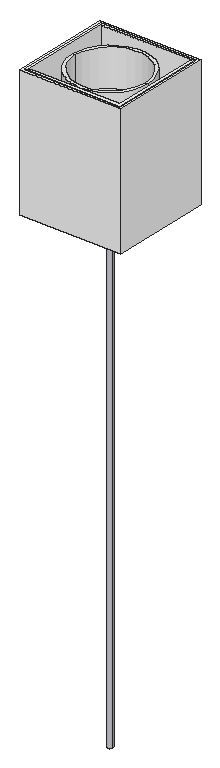
Revit family "Lighting-Pendant-Amerlux-C3M-PM-A17-1 Light", category Lighting Fixtures, host Face, Revit 2015
Parameters
  Suspension Length [instance] = 2' - 0"
  Housing Length = 0' - 5"
  Voltage = 0 V
  URL = "http://www.amerlux.com"
  Trim [instance] = yes
  Rotation Angle = 90.00°
  Power Factor = 1
  Number of Poles = 1
  Model = "C3M-PM-A17\r\n1\r\n1LT LED\r\n1\r\n1LT LED"
  Manufacturer = "Amerlux"
  Housing Width = 0' - 5"
  Lamp = "LED"
  Fixture Finish = White
  Description = "Suspended Multiple 1 Light"
  Depth = 0' - 6 1/2"
  Default Elevation = 4' - 0"
  Apparent Load = 0 VA
  Aperture Width = 0' - 4 1/2"
  Aperture Length = 0' - 4 1/2"
Reference planes (in)
  plane 1 "Center (Front/Back)": y = 0
  plane 2: z = 0
  plane 3 "Center (Left/Right)": x = 0
  plane 4: z = 18.64986
  plane 5: z = -4.75
  plane 6: z = 24
  plane 7: z = 30.64986
Forms (in)
  Extrusion 1, void
    sketch origin (0, 0, 0) x (1, 0, 0) y (0, 1, 0)
      loop
        line (-2.25, 2.25) -> (-2.25, -2.25) -> (2.25, -2.25) -> (2.25, 2.25) -> (-2.25, 2.25)
    from 26.64844 to 30.5
  Extrusion 2, solid, material "White" <- "Fixture Finish"
    sketch origin (0, 0, 0) x (0, 1, 0) y (0, 0, 1)
      loop
        line (-2.5, 30.5) -> (-2.5, 24) -> (2.5, 24) -> (2.5, 30.5) -> (-2.5, 30.5)
    from -2.5 to 2.5
  Extrusion 3, solid, material "White" <- "Fixture Finish"
    sketch origin (0, 0, 0) x (1, 0, 0) y (0, 1, 0)
      loop
        line (-2.25, 2.25) -> (-2.25, -2.25) -> (2.25, -2.25) -> (2.25, 2.25) -> (-2.25, 2.25)
      loop
        line (-2.375, 2.375) -> (-2.375, -2.375) -> (2.375, -2.375) -> (2.375, 2.375) -> (-2.375, 2.375)
    from 30.5 to 24
  Extrusion 4, solid, material "White Finish"
    sketch origin (0, 0, 0) x (1, 0, 0) y (0, 1, 0)
      loop
        circle (0, 0) r 0.12434
    from 0 to 24
Cuts and joins
  Extrusion 1 cuts Extrusion 2
Dimensions and locks (in)
  equal spacing: Extrusion 1 sketch curve, plane 3 "Center (Left/Right)", Extrusion 1 sketch curve
  equal spacing: Extrusion 1 sketch curve, plane 1 "Center (Front/Back)", Extrusion 1 sketch curve
  "Aperture Width": Extrusion 1 sketch curve to Extrusion 1 sketch curve  (x2)
  "Suspension Length": plane 6 to level
  "Depth": cut or joined group of Extrusion 1, Extrusion 2 to cut or joined group of Extrusion 1, Extrusion 2
  cut or joined group of Extrusion 1, Extrusion 2 to cut or joined group of Extrusion 1, Extrusion 2 = 0' - 3 109/128"
  locked: plane 7 to plane 6 at 6.64986
  equal spacing: cut or joined group of Extrusion 1, Extrusion 2, plane 1 "Center (Front/Back)", cut or joined group of Extrusion 1, Extrusion 2
  "Housing Width": cut or joined group of Extrusion 1, Extrusion 2 to cut or joined group of Extrusion 1, Extrusion 2
  equal spacing: cut or joined group of Extrusion 1, Extrusion 2, plane 3 "Center (Left/Right)", cut or joined group of Extrusion 1, Extrusion 2
  "Housing Length": cut or joined group of Extrusion 1, Extrusion 2 to cut or joined group of Extrusion 1, Extrusion 2
  locked: cut or joined group of Extrusion 1, Extrusion 2 to cut or joined group of Extrusion 1, Extrusion 2 at 3.85156
  aligned and locked: plane 2 to host face
  aligned and locked: level to host face
  aligned and locked: Extrusion 3 to cut or joined group of Extrusion 1, Extrusion 2
  aligned and locked: Extrusion 2 to plane 6
  aligned and locked: cut or joined group of Extrusion 1, Extrusion 2 to Extrusion 3
  aligned and locked: cut or joined group of Extrusion 1, Extrusion 2 to Extrusion 1
  aligned and locked: Extrusion 4 to cut or joined group of Extrusion 1, Extrusion 2
  aligned and locked: Extrusion 4 to level
Automatic sketch dimensions
  host sketch curve to host sketch curve = 2' - 6.49556"
  host sketch curve to host sketch curve = 2' - 7.77944"
  plane 5 to Extrusion 2 sketch curve = 2' - 4 3/4"
  level to Extrusion 2 sketch curve = 2' - 6 1/2"
  Extrusion 3 sketch curve to Extrusion 3 sketch curve = 0' - 0 1/8"  (x4)
  plane 1 "Center (Front/Back)" to Extrusion 3 sketch curve = 0' - 2 3/8"
  Extrusion 3 sketch curve to plane 1 "Center (Front/Back)" = 0' - 2 1/4"
  Extrusion 3 sketch curve to plane 3 "Center (Left/Right)" = 0' - 2 1/4"
  plane 3 "Center (Left/Right)" to Extrusion 3 sketch curve = 0' - 2 1/4"
  Extrusion 2 sketch curve to plane 1 "Center (Front/Back)" = 0' - 2 1/2"
  plane 1 "Center (Front/Back)" to Extrusion 2 sketch curve = 0' - 2 1/2"
  plane 1 "Center (Front/Back)" to Extrusion 4 sketch curve = 0' - 0"
  Extrusion 4 sketch curve to plane 3 "Center (Left/Right)" = 0' - 0"
  radius of Extrusion 4 sketch curve = 0' - 0.12434"
Nested families (in)
  nested 1: "Amerlux-Cylindrix" at (-0.916, -2.00423, 26.64844), Rotation Angle <- "Rotation Angle", type "Lighting-Accent-Amerlux-Cylindrix III Mini C3MV"
    with Rotation Angle 90.00°, Light Source Angle 90.00°
Connectors (in)
  electrical at (0, 0, 24), driven by "Number of Poles", driven by "Voltage", driven by "Apparent Load", driven by "Power Factor"
    settings: on Extrusion 2, index 1, voltage 0 V, apparent load 0 VA, apparent load phase1 0 VA, apparent load phase2 0 VA, apparent load phase3 0 VA, power factor 1, load classification "Other", number of poles 1, system type 31, power factor state 1, is connector primary yes, connector utility yes, sub classification motor no, connector description "Power"
Definition of nested family "Amerlux-Cylindrix"
  Parameters (values of type "Lighting-Accent-Amerlux-Cylindrix III Mini C3MV")
    Voltage = 0 V
    Rotation Angle [instance] = 90.00°
    Power Factor = 1
    Photometric Web File = ""
    Number of Poles = 1
    Material = none
    Light Source Angle [instance] = Rotation Angle  # 90.00°
    Lamp = "LED"
    Input Wattage = ""
    Wattage = 26 W
    built-in parameter 1150110 = 1 (stored number, unit not read)
    URL = "http://www.amerlux.com"
    built-in parameter 1114217 = 1 (stored number, unit not read)
    Tilt Angle = 90.00°
    built-in parameter 1150109 = 1 (stored number, unit not read)
    built-in parameter 1150134 = 12
    built-in parameter 1150113 = 1 (stored number, unit not read)
    Model = "Cylindrix III Mini"
    Manufacturer = "Amerlux"
    built-in parameter 1150105 = 206.9 (stored number, unit not read)
    Lumens = 2600 lm
    built-in parameter 1150115 = 1 (stored number, unit not read)
    built-in parameter 1150137 = (empty or 0)
    built-in parameter 1150139 = (empty or 0)
    built-in parameter 1150112 = 1 (stored number, unit not read)
    built-in parameter 1150114 = 1 (stored number, unit not read)
    Keynote = ""
    built-in parameter 1150132 = (empty or 0)
    built-in parameter 1150102 = (empty or 0)
    built-in parameter 1150107 = 4000 (stored number, unit not read)
    built-in parameter 1150138 = (empty or 0)
    built-in parameter 1150106 = 2.069 (stored number, unit not read)
    Finish = ""
    Emit from Circle Diameter = 0' - 3 1/4"
    Emit Shape Visible in Rendering = yes
    built-in parameter 1150104 = 9.2903 (stored number, unit not read)
    Dimming Lamp Color Temperature Shift = (empty or 0)
    Description = "Track Lighting"
    Default Elevation = 4' - 0"
    Color Filter = 16777215
    built-in parameter 1114218 = 1 (stored number, unit not read)
    built-in parameter 1150133 = 10 (stored number, unit not read)
    Assembly Code = ""
    Apparent Load = 0 VA
  Reference planes (in)
    plane 1 "Center (Front/Back)": y = 2.00423
    plane 2: z = 0
    plane 3 "Center (Left/Right)": x = 2.916
    plane 4: z = 5.5625
    plane 5: y = 3.00423
    plane 6: y = 1.00423
    plane 7: through (0, 3.00979, 3.84794) normal (0, 0.5736, 0.8192)
    plane 8: through (0, -1.77321, 2.57435) normal (0, -0.5736, -0.8192)
  Forms (in)
    Extrusion 1, solid
      sketch origin (0, -1.75, 0) x (1, 0, 0) y (0, 1, 0)
        loop
          line (-4.834, 9.47868) -> (-4.834, -2.91739) -> (7.17098, -2.91739) -> (7.17098, 9.47868) -> (-4.834, 9.47868)
      from 0 to -0.03652
  Dimensions and locks (in)
    equal spacing: plane 5, plane 1 "Center (Front/Back)", plane 6
    "Rotation Angle": angle level to nested 1
    "Light Source Angle": angle level to imposter light
    aligned and locked: plane 2 to Extrusion 1
    aligned and locked: level to Extrusion 1
    aligned: imposter light to plane 1 "Center (Front/Back)"
    aligned and locked: imposter light to nested 1
  Automatic sketch dimensions
    Extrusion 1 sketch curve to Extrusion 1 sketch curve = 1' - 0.00498"
    Extrusion 1 sketch curve to Extrusion 1 sketch curve = 1' - 0.39607"
  Nested families (in)
    nested 1: "Track Head" at (1.77159, 1.95428, 1.84844) x (0, -1, 0) z (-1, 0, 0), type "Track Head"
  Definition of nested family "Track Head"
    Parameters
      Width = 0' - 3 11/16"
      Material = none
      Default Elevation = 4' - 0"
      Assembly Code = ""
    Reference planes (in)
      plane 1 "Center (Front/Back)": y = 0
      plane 2: z = 0
      plane 3 "Center (Left/Right)": x = 0
      plane 4: z = 0.81682
      plane 5: z = 0.81682
      plane 6: y = 1.84375
      plane 7: y = -1.84375
      plane 8: z = 3.25
    Forms (in)
      Extrusion 1, solid
        sketch origin (0, 0, 0) x (1, 0, 0) y (0, 1, 0)
          loop
            line (-48, 48) -> (-48, -48) -> (48, -48) -> (48, 48) -> (-48, 48)
        from 0 to -0.80444
      Revolve 2, solid, material <- "Material"
        sketch origin (0, 0, -1.8125) x (0, 1, 0) y (0, 0, 1)
          loop
            line (-1.34375, 4.52266) -> (-1.84375, 4.23398) -> (-1.84375, 2.62932) -> (1.84375, 2.62932) -> (1.84375, 4.52266) -> (-1.34375, 4.52266)
          axis (-1.84375, 2.62932) -> (1.84375, 2.62932)
        angle from 0 to 360
      Revolve 3, void
        sketch origin (0, 0, -1.8125) x (0, 1, 0) y (0, 0, 1)
          loop
            line (1.84375, 2.62932) -> (1.84375, 4.37932) -> (0, 4.37932) -> (0, 2.62932) -> (1.84375, 2.62932)
          axis (0, 2.62932) -> (1.84375, 2.62932)
        angle from 0 to 360
    Cuts and joins
      Revolve 3 cuts Revolve 2
    Dimensions and locks (in)
      equal spacing: plane 6, plane 1 "Center (Front/Back)", plane 7
      "Width": plane 6 to plane 7
      radius of cut or joined group of Revolve 2, Revolve 3 = 0' - 1.89334"
      aligned and locked: plane 2 to Extrusion 1
      aligned and locked: level to Extrusion 1
      aligned and locked: Revolve 2 sketch curve to plane 4
      aligned and locked: Revolve 3 sketch curve to plane 5
      aligned and locked: plane 7 to Revolve 2 sketch curve
      aligned and locked: Revolve 2 sketch curve to plane 6
      aligned and locked: cut or joined group of Revolve 2, Revolve 3 to cut or joined group of Revolve 2, Revolve 3
      aligned and locked: plane 1 "Center (Front/Back)" to cut or joined group of Revolve 2, Revolve 3
    Automatic sketch dimensions
      Extrusion 1 sketch curve to Extrusion 1 sketch curve = 8' - 0"  (x2)
      Revolve 3 sketch curve to plane 5 = 0' - 0"
      Revolve 3 sketch curve to plane 1 "Center (Front/Back)" = 0' - 0"
      plane 6 to Revolve 3 sketch curve = 0' - 0"
      Revolve 3 sketch curve to Revolve 3 sketch curve = 0' - 1 3/4"
      plane 7 to Revolve 3 sketch curve = 0' - 0.4751"
      Revolve 3 sketch curve to plane 6 = 0' - 1.36838"
      Revolve 2 sketch curve to plane 4 = 0' - 0"
      Revolve 2 sketch curve to Revolve 2 sketch curve = 0' - 1.89334"
      plane 7 to Revolve 2 sketch curve = 0' - 5.73878"
      Revolve 2 sketch curve to plane 6 = 0' - 7.02134"
      Revolve 2 sketch curve to Revolve 2 sketch curve = 0' - 0.28868"
      Revolve 2 sketch curve to plane 7 = 0' - 0 1/2"
